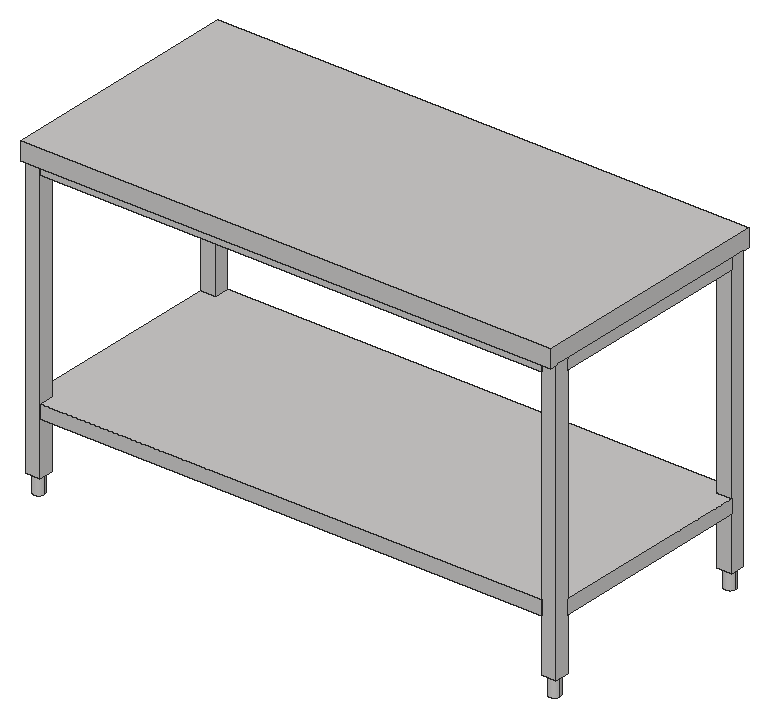
Revit family "QF_ELECTROLUXPROFESSIONAL_134087_LSGTG1500E", category Attrezzature speciali, Revit 2020
Family settings
  Quota connettore circolare = Usa diametro
  Tipo di parte = Normale
  Basato su piano di lavoro = No
  Sempre verticale = Sì
  Taglio con vuoti quando caricato = No
  Condiviso = No
  Punto di calcolo locali = No
Parameters (values of type "Standard")
  Weight = 49.50 kg
  Watts = 0 W
  Volts = 0 V
  URL Manufacturer = "https://www.electroluxprofessional.com/"
  URL = "https://www.electroluxprofessional.com/"
  Steam Supply Size = 0 mm
  Steam Supply Minimum Pressure = 0.0 Pa
  Steam Supply Maximum Pressure = 0.0 Pa
  Steam Consumption per Hour = 0
  Refrigeration Suction Line Size = 0.0 mm
  Refrigeration Liquid Line Size = 0.0 mm
  Refrigerant Compressor Remote = yes
  Prospetto di default = 0.0 mm
  Produttore = "Electrolux Professional"
  Phase = 0
  Modello = "LSGTG1500E"
  Length Actual = 1500.0 mm  # constant formula
  Item Number = "134087"
  Hot Water Size = 0 mm
  Height Actual = 900.0 mm  # constant formula
  HP = "0 HP"
  Gas Size = 0 mm
  Gas KW = 0
  Gas Input Pressure = 0 W
  Direct Waste Size = 0 mm
  Descrizione = "WORK TABLE 1500 MM WITH LOWER SHELF"
  Depth Actual = 700.0 mm  # constant formula
  Cycle = 0 Hz
  Condensate Return Size = 0 mm
  Compressed Air Volume = 0.0 L/s
  Compressed Air Size = 0 mm
  Compressed Air Pressure = 0.0 Pa
  Cold Water Size = 0 mm
  Accessory = yes
Reference planes
  plane 1 "Center (Front/Back)": y = 0
  plane 2: z = 0
  plane 3 "Center (Left/Right)": x = -250
  plane 4 "LEFT": x = -1000
  plane 5 "RIGHT": x = 500
  plane 6 "BACK": y = 350
  plane 7 "FRONT": y = -350
  plane 8 "Base": z = 850
  plane 9 "TOP": z = 900
  plane 10: x = -980
  plane 11: x = 480
  plane 12: y = 310
  plane 13: y = -310
  plane 14 "TRAVERSI": z = 820
  plane 15: x = -960
  plane 16: x = 460
  plane 17: y = 290
  plane 18: y = -290
  plane 19: y = 330
  plane 20: y = -330
  plane 21 "Plane": z = 200
Forms (mm)
  Extrusion 1, solid, material "QF_Finishes_Stainless Steel"
    sketch origin (-250, 0, 0) x (0, 1, 0) y (0, 0, 1)
      loop
        line (-350, 850) -> (350, 850) -> (350, 900) -> (-350, 900) -> (-350, 850)
    from 750 to -750
  Extrusion 2, solid, material "QF_Finishes_Stainless Steel"
    sketch origin (0, 0, 820) x (0, 1, 0) y (-1, 0, 0)
      loop
        line (290, -460) -> (-290, -460) -> (-290, -500) -> (290, -500) -> (290, -460)
      loop
        line (290, 1000) -> (-290, 1000) -> (-290, 960) -> (290, 960) -> (290, 1000)
    from 0 to 30
  Extrusion 3, solid, material "QF_Finishes_Stainless Steel"
    sketch origin (0, 0, 820) x (0, 1, 0) y (-1, 0, 0)
      loop
        line (330, -460) -> (330, 960) -> (290, 960) -> (290, -460) -> (330, -460)
      loop
        line (-290, 960) -> (-330, 960) -> (-330, -460) -> (-290, -460) -> (-290, 960)
    from 0 to 30
  Extrusion 4, solid, material "QF_Finishes_Stainless Steel"
    sketch origin (0, 0, 200) x (0, 1, 0) y (-1, 0, 0)
      loop
        line (290, 1000) -> (-290, 1000) -> (-290, 960) -> (-330, 960) -> (-330, -460) -> (-290, -460) -> (-290, -500) -> (290, -500) -> (290, -460) -> (330, -460) -> (330, 960) -> (290, 960) -> (290, 1000)
    from 0 to 40
Lines and regions (mm)
  symbolic lines
    curve 1: line (500, 350, 900) -> (-1000, 350, 900)
    curve 2: line (-1000, 350, 900) -> (-1000, -350, 900)
    curve 3: line (-1000, -350, 900) -> (500, -350, 900)
    curve 4: line (500, -350, 900) -> (500, 350, 900)
Dimensions and locks
  plane 4 "LEFT" to plane 5 "RIGHT" = 1500.0 mm
  equal spacing: plane 4 "LEFT", plane 3 "Center (Left/Right)", plane 5 "RIGHT"
  locked: plane 8 "Base" to level at 850
  plane 4 "LEFT" to plane 10 = 20.0 mm
  plane 11 to plane 5 "RIGHT" = 20.0 mm
  plane 10 to plane 11 = 1460.0 mm
  locked: plane 9 "TOP" to level at 900
  plane 6 "BACK" to plane 12 = 40.0 mm
  plane 13 to plane 7 "FRONT" = 40.0 mm
  plane 6 "BACK" to plane 7 "FRONT" = 700.0 mm
  plane 12 to plane 13 = 620.0 mm
  equal spacing: plane 6 "BACK", plane 1 "Center (Front/Back)", plane 7 "FRONT"
  plane 8 "Base" to plane 14 "TRAVERSI" = 30.0 mm
  locked: plane 10 to plane 15 at 20
  locked: plane 16 to plane 11 at 20
  locked: plane 19 to plane 12 at 20
  locked: plane 12 to plane 17 at 20
  locked: plane 18 to plane 13 at 20
  locked: plane 13 to plane 20 at 20
  plane 21 "Plane" to level = 200.0 mm
  aligned and locked: level to plane 2
  aligned and locked: plane 10 to nested 1
  aligned and locked: nested 1 to plane 13
  aligned and locked: plane 11 to nested 2
  aligned and locked: nested 2 to plane 13
  aligned and locked: plane 11 to nested 4
  aligned and locked: nested 4 to plane 12
  aligned and locked: plane 10 to nested 3
  aligned and locked: nested 3 to plane 12
  aligned and locked: Extrusion 1 to plane 4 "LEFT"
  aligned and locked: plane 5 "RIGHT" to Extrusion 1
  aligned and locked: curve 2 to plane 4 "LEFT"
  aligned and locked: Extrusion 2 sketch curve to plane 5 "RIGHT"
  aligned and locked: Extrusion 2 sketch curve to plane 17  (x2)
  aligned and locked: plane 16 to Extrusion 2 sketch curve
  aligned and locked: plane 18 to Extrusion 2 sketch curve  (x2)
  aligned and locked: plane 4 "LEFT" to Extrusion 2 sketch curve
  aligned and locked: Extrusion 2 sketch curve to plane 15
  aligned and locked: plane 19 to Extrusion 3 sketch curve
  aligned and locked: Extrusion 3 sketch curve to plane 17
  aligned and locked: Extrusion 3 sketch curve to plane 18
  aligned and locked: plane 20 to Extrusion 3 sketch curve
  aligned and locked: Extrusion 3 sketch curve to plane 15
  aligned and locked: plane 15 to Extrusion 3 sketch curve
  aligned and locked: plane 16 to Extrusion 3 sketch curve
  aligned and locked: Extrusion 3 sketch curve to plane 16
  aligned and locked: Extrusion 4 sketch curve to plane 19
  aligned and locked: Extrusion 4 sketch curve to plane 5 "RIGHT"
  aligned and locked: Extrusion 4 sketch curve to plane 20
  aligned and locked: plane 4 "LEFT" to Extrusion 4 sketch curve
  aligned and locked: Extrusion 4 sketch curve to plane 17  (x2)
  aligned and locked: plane 15 to Extrusion 4 sketch curve
  aligned and locked: Extrusion 4 sketch curve to plane 16
  aligned and locked: Extrusion 4 sketch curve to plane 18  (x2)
  aligned and locked: plane 16 to Extrusion 4 sketch curve
  aligned and locked: Extrusion 4 sketch curve to plane 15
Automatic sketch dimensions
  Extrusion 1 sketch curve to plane 7 "FRONT" = 0.0 mm
  Extrusion 1 sketch curve to plane 8 "Base" = 0.0 mm
  curve 3 to plane 7 "FRONT" = 0.0 mm
  curve 4 to plane 6 "BACK" = 0.0 mm
  Extrusion 1 sketch curve to plane 9 "TOP" = 0.0 mm
  Extrusion 1 sketch curve to plane 6 "BACK" = 0.0 mm
  curve 4 to plane 5 "RIGHT" = 0.0 mm
Nested families
  nested 1: "FEET_40x40_P50" at (-980, -310, 0), type "FEET_40x40_P50"
  nested 2: "FEET_40x40_P50" at (480, -310, 0), type "FEET_40x40_P50"
  nested 3: "FEET_40x40_P50" at (-980, 310, 0), type "FEET_40x40_P50"
  nested 4: "FEET_40x40_P50" at (480, 310, 0), type "FEET_40x40_P50"
Definition of nested family "FEET_40x40_P50"
  Parameters
    Default Elevation = 0.0 mm
    FEET = 850.0 mm
  Reference planes
    plane 1 "Center (Front/Back)": y = 0
    plane 2: z = 0
    plane 3 "Center (Left/Right)": x = 0
    plane 4: z = 850
  Forms (mm)
    Extrusion 1, solid
      sketch origin (0, 0, 0) x (1, 0, 0) y (0, 1, 0)
        loop
          line (-20, -20) -> (20, -20) -> (20, 20) -> (-20, 20) -> (-20, -20)
      from 50 to 850
    Extrusion 2, solid
      sketch origin (0, 0, 0) x (1, 0, 0) y (0, 1, 0)
        loop
          circle (0, 0) r 16
      from 0 to 50
  Lines and regions (mm)
    symbolic lines
      curve 1: line (0, -1.503, 0) -> (0, 1.508, 0)
      curve 2: line (1.561, 0, 0) -> (-1.439, 0, 0)
  Dimensions and locks
    "FEET": plane 4 to plane 2
    aligned and locked: level to plane 2
  Automatic sketch dimensions
    Extrusion 1 sketch curve to plane 3 "Center (Left/Right)" = 20.0 mm
    plane 3 "Center (Left/Right)" to Extrusion 1 sketch curve = 20.0 mm
    plane 1 "Center (Front/Back)" to Extrusion 1 sketch curve = 20.0 mm
    Extrusion 1 sketch curve to plane 1 "Center (Front/Back)" = 20.0 mm
    plane 1 "Center (Front/Back)" to Extrusion 2 sketch curve = 0.0 mm
    Extrusion 2 sketch curve to plane 3 "Center (Left/Right)" = 0.0 mm
    plane 1 "Center (Front/Back)" to curve 2 = 0.0 mm
    curve 1 to plane 3 "Center (Left/Right)" = 0.0 mm
    curve 2 to plane 3 "Center (Left/Right)" = 1.439 mm
    plane 3 "Center (Left/Right)" to curve 2 = 1.561 mm
    plane 1 "Center (Front/Back)" to curve 1 = 1.503 mm
    curve 1 to plane 1 "Center (Front/Back)" = 1.508 mm
    radius of Extrusion 2 sketch curve = 16.0 mm
